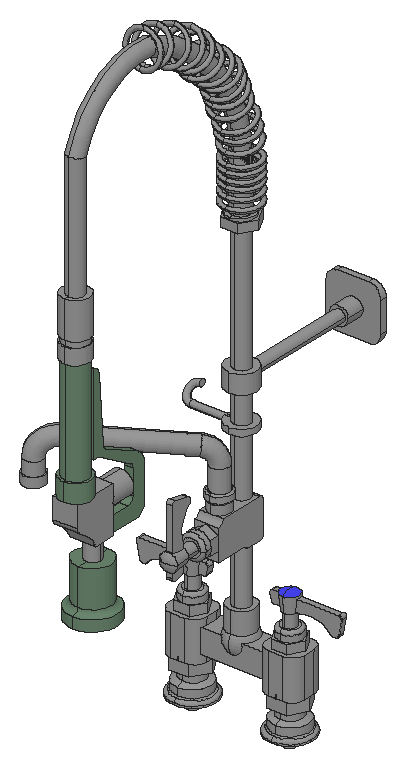
Revit family "Krowne_18-406L_DeckMount_Pre-Rinse_Faucet", category Plumbing Fixtures, Revit 2018
Family settings
  Round Connector Dimension = Use Diameter
  Part Type = Normal
  OmniClass Number = 23.40.40.00
  OmniClass Title = Food Service Equipment and Furnishings
  Work Plane-Based = No
  Always vertical = Yes
  Cut with Voids When Loaded = No
  Shared = No
  Room Calculation Point = No
Parameters (values of type "18-406L")
  Width = 18"
  Weight in Pounds = 13
  Watermarked By = ""
  URL Cutsheet = ""
  URL = "https://krowne.com/"
  Status [instance] = ""
  Specification by User [instance] = ""
  Specification by Manufacturer [instance] = ""
  Serial Number [instance] = ""
  Revision Code [instance] = ""
  NAFEM Spec ID Number [instance] = ""
  Model = "18-406L"
  Masterspec [instance] = ""
  Manufacturer = "Krowne Metal"
  Item Number [instance] = "-"
  Installed By [instance] = ""
  Hot Water Temperature = 100 °F
  Hot Water Size = 1/2"
  Hot Water RI Height [instance] = 0"
  Hot Water Flow = 1.8 GPM
  Hot Water Connection Height = 0"
  Height = 24 7/8"
  Furnished By [instance] = ""
  Foodservice Equipment Identifier = yes
  Description = "4\" Raised Deck Mount Space Saver Pre-Rinse with Add-on Faucet, 6\" Spout"
  Depth = 10"
  Cold Water Size = 1/2"
  Cold Water RI Height [instance] = 0"
  Cold Water Flow = 1.8 GPM
  Cold Water Consumption = ""
  Cold Water Connection Height = 0"
  CSI MasterFormat = ""
  Assembly Code = "E1090300"
Reference planes (in)
  plane 1 "BACK": y = 0
  plane 2: z = 0
  plane 3 "CENTER L/R": x = -12.56573
  plane 4: y = -0.9375
  plane 5: y = -8.5625
  plane 6 "CENTER L/S": x = -10.56573
  plane 7 "CENTER L/T": x = -14.56573
  plane 8 "CENTER L/U": x = -8.40948
  plane 9 "CENTER L/V": x = -16.72198
  plane 10: z = 6.875
  plane 11: z = 18
  plane 12: z = 26.625
  plane 13: z = 1.75
  plane 14: z = 15.8125
Forms (in)
  Extrusion 1, solid, material "QF_Steel-Chrome-Polished"
    sketch origin (-12.56573, -0.93695, -0.09142) x (0, -1, 0) y (1, 0, 0)
      loop
        circle (0, 0) r 0.34
    from 4.12518 to 18.28793
  Revolve 2, solid, material "QF_Plastic-Hunter Green"
    sketch origin (-12.56573, 4.2975, -7.025) x (0, -1, 0) y (0, 0, 1)
      loop
        line (13.735, 18.775) -> (14.36, 18.775) -> (14.36, 19.525) -> (14.235, 19.525) -> (14.235, 23.8375) -> (13.735, 23.8375) -> (13.735, 18.775)
      axis (13.735, 18.775) -> (13.735, 23.8375)
    angle from 0 to 360
  Sweep 3, solid, material "QF_Steel-Chrome-Polished"
    path origin (-12.56573, -0.93695, -4.46642) x (0, -1, 0) y (0, 0, 1)
      loop
        line (8.50055, 23.65392) -> (8.50055, 28.72759)
        arc (8.50055, 28.72759) -> (7.09376, 30.5755) -> (4.82933, 31.09142) r 3.40474
        arc (4.82933, 31.09142) -> (2.36329, 29.70618) -> (0.62765, 27.47285) r 7.14782
        arc (0.62765, 27.47285) -> (0.15902, 26.17338) -> (0, 24.80118) r 6
        line (0, 24.80118) -> (0, 22.66293)
    profile origin (-12.56573, -9.4375, 21.72434) x (0, 1, 0) y (-1, 0, 0)
      loop
        circle (0, 0) r 0.33984
  Sweep 4, solid, material "QF_Steel-Chrome-Polished"
    path origin (-12.56573, 8.55153, 20.47393) x (1, 0, 0) y (0, -0.694658, -0.71934)
      loop
        line (-0.03125, 13.66) -> (-2.03125, 13.66)
        arc (-2.03125, 13.66) -> (-2.40625, 13.285) -> (-2.03125, 12.91) r 0.375
    profile origin (-13.59698, -0.9375, 10.64775) x (0, 0.694658, 0.71934) y (0, 0.71934, -0.694658)
      loop
        circle (0, 0) r 0.125
  Sweep 5, solid, material "QF_Steel-Chrome-Polished"
    path origin (-12.56573, -23.0225, -7.025) x (0, 1, 0) y (0, 0, -1)
      loop
        line (14.46, -16.8375) -> (14.46, -16.0875)
    profile origin (-12.56573, -8.5625, 9.4375) x (-1, 0, 0) y (0, -1, 0)
      loop
        circle (0, 0) r 0.3125
  Revolve 6, solid, material "QF_Plastic-Hunter Green"
    sketch origin (-12.56573, -23.0225, -7.025) x (0, 1, 0) y (0, 0, -1)
      loop
        line (14.46, -16.0875) -> (15.21, -16.0875) -> (15.21, -14.5875)
        arc (15.21, -14.5875) -> (15.28322, -14.41072) -> (15.46, -14.3375) r 0.25
        line (15.46, -14.3375) -> (15.46, -13.9) -> (14.46, -13.9) -> (14.46, -16.0875)
      axis (14.46, -13.9) -> (14.46, -16.0875)
    angle from 0 to 360
  Extrusion 7, solid, material "QF_Plastic-Hunter Green"
    sketch origin (-12.56573, -23.0225, -7.025) x (0, 1, 0) y (0, 0, -1)
      loop
        arc (15.335, -16.71016) -> (15.02261, -17.01446) -> (15.31861, -17.33473) r 0.3125
        line (15.31861, -17.33473) -> (16.06861, -17.33473)
        arc (16.06861, -17.33473) -> (16.24539, -17.40795) -> (16.31861, -17.58473) r 0.25
        line (16.31861, -17.58473) -> (16.31861, -18.62984)
        arc (16.31861, -18.62984) -> (16.28585, -18.75357) -> (16.19614, -18.84486) r 0.25
        line (16.19614, -18.84486) -> (14.5225, -19.8375) -> (14.2725, -19.8375) -> (14.2725, -23.15)
        arc (14.2725, -23.15) -> (14.44928, -23.07678) -> (14.5225, -22.9) r 0.25
        line (14.5225, -22.9) -> (14.73264, -20.16098)
        arc (14.73264, -20.16098) -> (14.77513, -20.0396) -> (14.87232, -19.9554) r 0.25
        line (14.87232, -19.9554) -> (16.56935, -19.12771)
        arc (16.56935, -19.12771) -> (16.77419, -18.94327) -> (16.85017, -18.67831) r 0.5
        line (16.85017, -18.67831) -> (16.85017, -16.97532) -> (16.585, -16.71016) -> (15.335, -16.71016)
    from -0.17817 to 0.15894
  Revolve 8, solid, material "QF_Steel-Chrome-Polished"
    sketch origin (-12.56573, -23.0225, -7.025) x (0, 1, 0) y (0, 0, -1)
      loop
        line (14.8975, -18.7125) -> (15.8975, -18.7125) -> (15.8975, -18.4625) -> (16.0225, -18.4625) -> (16.0225, -18.2125) -> (14.8975, -18.2125) -> (14.8975, -18.7125)
      axis (16.0225, -18.2125) -> (14.8975, -18.2125)
    angle from 0 to 360
  Sweep 9, solid, material "QF_Steel-Chrome-Polished"
    path origin (-12.56573, -2.06586, 24.03279) x (0, -0.882948, -0.469472) y (1, 0, 0)
      loop
        circle (0, 0) r 0.72
    profile origin (-11.84573, -2.06586, 24.03279) x (-1, 0, 0) y (0, -0.469472, 0.882948)
      loop
        circle (0, 0) r 0.08178
  Sweep 10, solid, material "QF_Steel-Chrome-Polished"
    path origin (-12.56573, -2.47616, 24.44422) x (0, -0.829038, -0.559193) y (1, 0, 0)
      loop
        circle (0, 0) r 0.72
    profile origin (-11.84573, -2.47616, 24.44422) x (-1, 0, 0) y (0, -0.559193, 0.829038)
      loop
        circle (0, 0) r 0.08178
  Sweep 11, solid, material "QF_Steel-Chrome-Polished"
    path origin (-12.56573, -1.07894, 21.53673) x (0, -0.978148, -0.207912) y (1, 0, 0)
      loop
        circle (0, 0) r 0.72
    profile origin (-11.84573, -1.07894, 21.53673) x (-1, 0, 0) y (0, -0.207912, 0.978148)
      loop
        circle (0, 0) r 0.08178
  Sweep 12, solid, material "QF_Steel-Chrome-Polished"
    path origin (-12.56573, -1.86515, 23.60264) x (0, -0.857167, -0.515038) y (1, 0, 0)
      loop
        circle (0, 0) r 0.72
    profile origin (-11.84573, -1.86515, 23.60264) x (-1, 0, 0) y (0, -0.515038, 0.857167)
      loop
        circle (0, 0) r 0.08178
  Sweep 13, solid, material "QF_Steel-Chrome-Polished"
    path origin (-12.56573, -0.98092, 21.05422) x (0, -0.978148, -0.207912) y (1, 0, 0)
      loop
        circle (0, 0) r 0.72
    profile origin (-11.84573, -0.98092, 21.05422) x (-1, 0, 0) y (0, -0.207912, 0.978148)
      loop
        circle (0, 0) r 0.08178
  Sweep 14, solid, material "QF_Steel-Chrome-Polished"
    path origin (-12.56573, -1.69061, 23.19258) x (0, -0.920505, -0.390731) y (1, 0, 0)
      loop
        circle (0, 0) r 0.72
    profile origin (-11.84573, -1.69061, 23.19258) x (-1, 0, 0) y (0, -0.390731, 0.920505)
      loop
        circle (0, 0) r 0.08178
  Sweep 15, solid, material "QF_Steel-Chrome-Polished"
    path origin (-12.56573, -1.21384, 22.00251) x (0, -0.951057, -0.309017) y (1, 0, 0)
      loop
        circle (0, 0) r 0.72
    profile origin (-11.84573, -1.21384, 22.00251) x (-1, 0, 0) y (0, -0.309017, 0.951057)
      loop
        circle (0, 0) r 0.08178
  Sweep 16, solid, material "QF_Steel-Chrome-Polished"
    path origin (-12.56573, -1.54108, 22.69083) x (0, -0.927184, -0.374607) y (1, 0, 0)
      loop
        circle (0, 0) r 0.72
    profile origin (-11.84573, -1.54108, 22.69083) x (-1, 0, 0) y (0, -0.374607, 0.927184)
      loop
        circle (0, 0) r 0.08178
  Sweep 17, solid, material "QF_Steel-Chrome-Polished"
    path origin (-12.56573, -3.01276, 24.87687) x (0, -0.848048, -0.529919) y (1, 0, 0)
      loop
        circle (0, 0) r 0.72
    profile origin (-11.84573, -3.01276, 24.87687) x (-1, 0, 0) y (0, -0.529919, 0.848048)
      loop
        circle (0, 0) r 0.08178
  Sweep 18, solid, material "QF_Steel-Chrome-Polished"
    path origin (-12.56573, -3.45399, 25.40635) x (0, -0.745676, -0.666309) y (1, 0, 0)
      loop
        circle (0, 0) r 0.72
    profile origin (-11.84573, -3.45399, 25.40635) x (-1, 0, 0) y (0, -0.666309, 0.745676)
      loop
        circle (0, 0) r 0.08178
  Sweep 19, solid, material "QF_Steel-Chrome-Polished"
    path origin (-12.56573, -3.91456, 25.78013) x (0, -0.632262, -0.774755) y (1, 0, 0)
      loop
        circle (0, 0) r 0.72
    profile origin (-11.84573, -3.91456, 25.78013) x (-1, 0, 0) y (0, -0.774755, 0.632262)
      loop
        circle (0, 0) r 0.08178
  Sweep 20, solid, material "QF_Steel-Chrome-Polished"
    path origin (-12.56573, -4.61244, 26.15886) x (0, -0.434326, -0.900756) y (1, 0, 0)
      loop
        circle (0, 0) r 0.72
    profile origin (-11.84573, -4.61244, 26.15886) x (-1, 0, 0) y (0, -0.900756, 0.434326)
      loop
        circle (0, 0) r 0.08178
  Sweep 21, solid, material "QF_Steel-Chrome-Polished"
    path origin (-12.56573, -5.50445, 26.53759) x (0, -0.434326, -0.900756) y (1, 0, 0)
      loop
        circle (0, 0) r 0.72
    profile origin (-11.84573, -5.50445, 26.53759) x (-1, 0, 0) y (0, -0.900756, 0.434326)
      loop
        circle (0, 0) r 0.08178
  Sweep 22, solid, material "QF_Steel-Chrome-Polished"
    path origin (-12.56573, -5.96727, 26.62629) x (0, -0.134719, -0.990884) y (1, 0, 0)
      loop
        circle (0, 0) r 0.72
    profile origin (-11.84573, -5.96727, 26.62629) x (-1, 0, 0) y (0, -0.990884, 0.134719)
      loop
        circle (0, 0) r 0.08178
  Extrusion 23, solid, material "QF_Steel-Chrome-Polished"
    sketch origin (-0.21875, -0.9375, 12.03358) x (0, 1, 0) y (-1, 0, 0)
      loop
        circle (0.00055, 12.34698) r 0.625
      loop
        circle (0.00055, 12.34698) r 0.34
    from 0 to 0.75
  Extrusion 24, solid, material "QF_Steel-Chrome-Polished"
    sketch origin (-0.1875, 5.0625, -4.46642) x (1, 0, 0) y (0, 0, 1)
      loop
        line (-11.75323, 18) -> (-13.00323, 18)
        arc (-13.00323, 18) -> (-13.35678, 17.85355) -> (-13.50323, 17.5) r 0.5
        line (-13.50323, 17.5) -> (-13.50323, 16.25)
        arc (-13.50323, 16.25) -> (-13.35678, 15.89645) -> (-13.00323, 15.75) r 0.5
        line (-13.00323, 15.75) -> (-11.75323, 15.75)
        arc (-11.75323, 15.75) -> (-11.39967, 15.89645) -> (-11.25323, 16.25) r 0.5
        line (-11.25323, 16.25) -> (-11.25323, 17.5)
        arc (-11.25323, 17.5) -> (-11.39967, 17.85355) -> (-11.75323, 18) r 0.5
    from 0 to 0.25
  Extrusion 25, solid, material "QF_Steel-Chrome-Polished"
    sketch origin (-0.1875, 4.8125, -4.46642) x (1, 0, 0) y (0, 0, 1)
      loop
        circle (-12.37823, 16.875) r 0.375
    from 0 to 0.75
  Extrusion 26, solid, material "QF_Steel-Chrome-Polished"
    sketch origin (-0.1875, 4.0625, -4.46642) x (1, 0, 0) y (0, 0, 1)
      loop
        circle (-12.37823, 16.875) r 0.25
    from 0 to 4.5
  Extrusion 27, solid, material "QF_Steel-Chrome-Polished"
    sketch origin (-12.59698, 5.53856, -5.6836) x (0, 1, 0) y (0, 0, 1)
      loop
        line (-13.66356, 15.4961) -> (-13.66356, 17.4336) -> (-15.47606, 17.4336) -> (-15.47606, 16.5586)
        arc (-15.47606, 16.5586) -> (-15.44221, 16.43298) -> (-15.34983, 16.34139) r 0.25
        arc (-15.34983, 16.34139) -> (-14.88291, 15.97756) -> (-14.53856, 15.4961) r 2.0625
        line (-14.53856, 15.4961) -> (-13.66356, 15.4961)
    from -0.5 to 0.5
  Revolve 28, solid, material "QF_Steel-Chrome-Polished"
    sketch origin (-12.56573, 4.2975, -7.025) x (0, -1, 0) y (0, 0, 1)
      loop
        line (13.735, 23.8375) -> (14.2975, 23.8375) -> (14.2975, 24.4625) -> (14.235, 24.4625) -> (14.235, 24.7125) -> (14.2975, 24.7125) -> (14.2975, 26.2125) -> (13.735, 26.2125) -> (13.735, 23.8375)
      axis (13.735, 23.8375) -> (13.735, 26.2125)
    angle from 0 to 360
  Extrusion 29, solid, material "QF_Steel-Chrome-Polished"
    sketch origin (-0.21875, -0.9375, 10.51528) x (0, 1, 0) y (-1, 0, 0)
      loop
        circle (0.00055, 12.34698) r 0.625
      loop
        circle (0.00055, 12.34698) r 0.34
    from 0 to 0.25
  Extrusion 30, solid, material "QF_Steel-Chrome-Polished"
    sketch origin (-12.56573, 0, 1.1875) x (0, 1, 0) y (0, 0, 1)
      loop
        line (-0.5, 5.3125) -> (-0.5, 6.6875)
        arc (-0.5, 6.6875) -> (-0.53661, 6.77589) -> (-0.625, 6.8125) r 0.125
        line (-0.625, 6.8125) -> (-2.5, 6.8125)
        arc (-2.5, 6.8125) -> (-2.57322, 6.63572) -> (-2.75, 6.5625) r 0.25
        line (-2.75, 6.5625) -> (-2.75, 5.3125) -> (-1.4805, 5.3125)
        arc (-1.4805, 5.3125) -> (-1.43984, 5.3057) -> (-1.4036, 5.28605) r 0.125
        line (-1.4036, 5.28605) -> (-1.3112, 5.21395)
        arc (-1.3112, 5.21395) -> (-1.27496, 5.1943) -> (-1.2343, 5.1875) r 0.125
        line (-1.2343, 5.1875) -> (-0.625, 5.1875)
        arc (-0.625, 5.1875) -> (-0.53661, 5.22411) -> (-0.5, 5.3125) r 0.125
    from -0.4629 to 0.51137
  Sweep 31, solid, material "QF_Steel-Chrome-Polished"
    path origin (-11.1074, -0.60406, 1.1875) x (0.707107, 0.707107, 0) y (0, 0, 1)
      loop
        line (-2.0625, 6.8125) -> (-2.0625, 8.47099)
        arc (-2.0625, 8.47099) -> (-2.24597, 8.96246) -> (-2.7066, 9.21348) r 0.75
        line (-2.7066, 9.21348) -> (-7.2066, 9.85528)
        arc (-7.2066, 9.85528) -> (-7.80397, 9.67933) -> (-8.0625, 9.1128) r 0.75
        line (-8.0625, 9.1128) -> (-8.0625, 8.5625)
    profile origin (-12.56581, -2.06246, 8.82925) x (-0.707107, -0.707107, 0) y (0.707107, -0.707107, 0)
      loop
        circle (0, 0) r 0.375
  Extrusion 32, solid, material "QF_Steel-Chrome-Polished"
    sketch origin (-12.56573, -0.4375, 8) x (0, -1, 0) y (1, 0, 0)
      loop
        circle (1.625, 0) r 0.375
      loop
        circle (1.625, 0) r 0.4375
    from 0 to 0.375
  Revolve 33, solid, material "QF_Steel-Chrome-Polished"
    sketch origin (-12.56573, 0, 1.1875) x (0, 1, 0) y (0, 0, 1)
      loop
        line (-1.6875, 7.5625) -> (-1.6875, 7.1875) -> (-1.625, 7.1875) -> (-1.5625, 7.25) -> (-1.5625, 7.5) -> (-1.625, 7.5625) -> (-1.6875, 7.5625)
      axis (-2.0625, 7.1875) -> (-2.0625, 7.5625)
    angle from 0 to 360
  Extrusion 34, solid, material "QF_Steel-Chrome-Polished"
    sketch origin (-16.80569, -6.30785, 9.375) x (-0.707107, -0.707107, 0) y (-0.707107, 0.707107, 0)
      loop
        circle (0, 0) r 0.4375
    from 0 to -0.375
  Extrusion 35, solid, material "QF_Steel-Chrome-Polished"
    sketch origin (-0.1875, -0.03125, 3.19778) x (0, 1, 0) y (-1, 0, 0)
      loop
        line (-0.90625, 13.74356) -> (-0.35661, 14.06089) -> (-0.35661, 14.69556) -> (-0.90625, 15.01289) -> (-1.45589, 14.69556) -> (-1.45589, 14.06089) -> (-0.90625, 13.74356)
      loop
        line (-0.90625, 9.74356) -> (-0.35661, 10.06089) -> (-0.35661, 10.69556) -> (-0.90625, 11.01289) -> (-1.45589, 10.69556) -> (-1.45589, 10.06089) -> (-0.90625, 9.74356)
    from 0 to 0.375
  Revolve 36, solid, material "QF_Steel-Chrome-Polished"
    sketch origin (-14.56573, -0.03125, -0.80222) x (0, 1, 0) y (0, 0, 1)
      loop
        line (-0.90625, 4.375) -> (-0.40625, 4.375) -> (-0.40625, 4.625)
        arc (-0.40625, 4.625) -> (-0.44286, 4.71339) -> (-0.53125, 4.75) r 0.125
        line (-0.53125, 4.75) -> (-0.90625, 4.75) -> (-0.90625, 4.375)
      axis (-0.90625, 4.375) -> (-0.90625, 4.75)
    angle from 0 to 360
  Revolve 37, solid, material "QF_Steel-Chrome-Polished"
    sketch origin (-10.56573, -0.03125, -0.80222) x (0, 1, 0) y (0, 0, 1)
      loop
        line (-0.90625, 4.375) -> (-0.40625, 4.375) -> (-0.40625, 4.625)
        arc (-0.40625, 4.625) -> (-0.44286, 4.71339) -> (-0.53125, 4.75) r 0.125
        line (-0.53125, 4.75) -> (-0.90625, 4.75) -> (-0.90625, 4.375)
      axis (-0.90625, 4.375) -> (-0.90625, 4.75)
    angle from 0 to 360
  Revolve 38, solid, material "QF_Steel-Chrome-Polished"
    sketch origin (-10.56573, -0.03125, -0.80222) x (0, 1, 0) y (0, 0, 1)
      loop
        line (-0.90625, 4.75) -> (-0.65625, 4.75) -> (-0.65625, 5.3125) -> (-0.90625, 5.3125) -> (-0.90625, 4.75)
      axis (-0.90625, 4.75) -> (-0.90625, 5.3125)
    angle from 0 to 360
  Revolve 39, solid, material "QF_Steel-Chrome-Polished"
    sketch origin (-14.56573, -0.03125, -0.80222) x (0, 1, 0) y (0, 0, 1)
      loop
        line (-0.90625, 4.75) -> (-0.65625, 4.75) -> (-0.65625, 5.3125) -> (-0.90625, 5.3125) -> (-0.90625, 4.75)
      axis (-0.90625, 4.75) -> (-0.90625, 5.3125)
    angle from 0 to 360
  Revolve 40, solid, material "QF_Steel-Chrome-Polished"
    sketch origin (-14.56573, -0.03125, -0.80222) x (0, 1, 0) y (0, 0, 1)
      loop
        line (-0.90625, 5.3125) -> (-0.59375, 5.3125) -> (-0.53125, 5.9375) -> (-0.90625, 5.9375) -> (-0.90625, 5.3125)
      axis (-0.90625, 5.3125) -> (-0.90625, 5.9375)
    angle from 0 to 360
  Revolve 41, solid, material "QF_Steel-Chrome-Polished"
    sketch origin (-10.56573, -0.03125, -0.80222) x (0, 1, 0) y (0, 0, 1)
      loop
        line (-0.90625, 5.3125) -> (-0.59375, 5.3125) -> (-0.53125, 5.9375) -> (-0.90625, 5.9375) -> (-0.90625, 5.3125)
      axis (-0.90625, 5.3125) -> (-0.90625, 5.9375)
    angle from 0 to 360
  Revolve 42, solid, material "QF_Plastic-Red"
    sketch origin (-14.56573, -0.03125, -0.80222) x (0, 1, 0) y (0, 0, 1)
      loop
        line (-0.90625, 5.9375) -> (-0.53125, 5.9375)
        arc (-0.53125, 5.9375) -> (-0.70704, 6.03513) -> (-0.90625, 6.0625) r 0.54601
        line (-0.90625, 6.0625) -> (-0.90625, 5.9375)
      axis (-0.90625, 5.9375) -> (-0.90625, 6.0625)
    angle from 0 to 360
  Revolve 43, solid, material "QF_Plastic-Blue"
    sketch origin (-10.56573, -0.03125, -0.80222) x (0, 1, 0) y (0, 0, 1)
      loop
        line (-0.90625, 5.9375) -> (-0.53125, 5.9375)
        arc (-0.53125, 5.9375) -> (-0.70704, 6.03513) -> (-0.90625, 6.0625) r 0.54601
        line (-0.90625, 6.0625) -> (-0.90625, 5.9375)
      axis (-0.90625, 5.9375) -> (-0.90625, 6.0625)
    angle from 0 to 360
  Extrusion 44, solid, material "QF_Steel-Chrome-Polished"
    sketch origin (-0.1875, -3.375, -0.21074) x (1, 0, 0) y (0, 1, 0)
      loop
        circle (-14.37823, 2.4375) r 0.25
      loop
        circle (-10.37823, 2.4375) r 0.25
    from 0.21074 to -0.25
  Revolve 45, solid, material "QF_Steel-Chrome-Polished"
    sketch origin (-14.56573, -0.03125, 0) x (0, 1, 0) y (0, 0, 1)
      loop
        line (-0.90625, 0) -> (0.03125, 0) -> (0.03125, 0.0625)
        arc (0.03125, 0.0625) -> (-0.00536, 0.15089) -> (-0.09375, 0.1875) r 0.125
        arc (-0.09375, 0.1875) -> (-0.13794, 0.20581) -> (-0.15625, 0.25) r 0.0625
        line (-0.15625, 0.25) -> (-0.15625, 0.5625) -> (-0.40625, 0.6875) -> (-0.40625, 1.0625) -> (-0.90625, 1.0625) -> (-0.90625, 0)
      axis (-0.90625, 0) -> (-0.90625, 1.0625)
    angle from 0 to 360
  Revolve 46, solid, material "QF_Steel-Chrome-Polished"
    sketch origin (-10.56573, -0.03125, 0) x (0, 1, 0) y (0, 0, 1)
      loop
        line (-0.90625, 0) -> (0.03125, 0) -> (0.03125, 0.0625)
        arc (0.03125, 0.0625) -> (-0.00536, 0.15089) -> (-0.09375, 0.1875) r 0.125
        arc (-0.09375, 0.1875) -> (-0.13794, 0.20581) -> (-0.15625, 0.25) r 0.0625
        line (-0.15625, 0.25) -> (-0.15625, 0.5625) -> (-0.40625, 0.6875) -> (-0.40625, 1.0625) -> (-0.90625, 1.0625) -> (-0.90625, 0)
      axis (-0.90625, 0) -> (-0.90625, 1.0625)
    angle from 0 to 360
  Extrusion 47, solid, material "QF_Steel-Chrome-Polished"
    sketch origin (-0.1875, -0.03125, 1.0625) x (0, 1, 0) y (-1, 0, 0)
      loop
        line (-0.2026, 13.97198) -> (-0.2026, 14.78448) -> (-0.90625, 15.19073) -> (-1.6099, 14.78448) -> (-1.6099, 13.97198) -> (-0.90625, 13.56573) -> (-0.2026, 13.97198)
      loop
        line (-0.2026, 9.97198) -> (-0.2026, 10.78448) -> (-0.90625, 11.19073) -> (-1.6099, 10.78448) -> (-1.6099, 9.97198) -> (-0.90625, 9.56573) -> (-0.2026, 9.97198)
    from 0 to 0.5
  Extrusion 48, solid, material "QF_Steel-Chrome-Polished"
    sketch origin (-0.1875, -0.03125, 1.5625) x (0, 1, 0) y (-1, 0, 0)
      loop
        circle (-0.90625, 14.37823) r 0.75
      loop
        circle (-0.90625, 10.37823) r 0.75
    from 0 to 0.125
  Revolve 49, solid, material "QF_Steel-Chrome-Polished"
    sketch origin (-12.56573, -0.03125, -0.16406) x (0, 1, 0) y (0, 0, 1)
      loop
        line (-0.90625, 3.30665) -> (-0.90625, 2.30303)
        arc (-0.90625, 2.30303) -> (-0.33338, 2.64139) -> (-0.34375, 3.30665) r 0.66209
        line (-0.34375, 3.30665) -> (-0.90625, 3.30665)
      axis (-0.90625, 3.30665) -> (-0.90625, 2.30303)
    angle from 0 to 360
  Extrusion 50, solid, material "QF_Steel-Chrome-Polished"
    sketch origin (-12.56573, -0.9375, 3.14259) x (0, 1, 0) y (-1, 0, 0)
      loop
        circle (0, 0) r 0.5625
    from 0 to 0.89117
  Extrusion 51, solid, material "QF_Steel-Chrome-Polished"
    sketch origin (1.8125, -0.9375, -0.80222) x (1, 0, 0) y (0, 0, 1)
      loop
        arc (-18.45139, 5.875) -> (-18.54806, 5.82925) -> (-18.57397, 5.72549) r 0.125
        line (-18.57397, 5.72549) -> (-18.44898, 5.10053)
        arc (-18.44898, 5.10053) -> (-18.40566, 5.02837) -> (-18.32641, 5.00004) r 0.125
        line (-18.32641, 5.00004) -> (-18.25335, 5.00004)
        arc (-18.25335, 5.00004) -> (-18.20057, 5.01173) -> (-18.15766, 5.04462) r 0.125
        arc (-18.15766, 5.04462) -> (-17.58494, 5.40979) -> (-16.90628, 5.38199) r 1.13354
        arc (-16.90628, 5.38199) -> (-16.88545, 5.37648) -> (-16.86398, 5.37462) r 0.125
        line (-16.86398, 5.37462) -> (-15.83077, 5.37462)
        arc (-15.83077, 5.37462) -> (-15.75152, 5.40295) -> (-15.7082, 5.47511) r 0.125
        line (-15.7082, 5.47511) -> (-15.65813, 5.72549)
        arc (-15.65813, 5.72549) -> (-15.68403, 5.82925) -> (-15.7807, 5.875) r 0.125
        line (-15.7807, 5.875) -> (-18.45139, 5.875)
      loop
        line (-10.29934, 5.875) -> (-12.97575, 5.875)
        arc (-12.97575, 5.875) -> (-13.07242, 5.82925) -> (-13.09832, 5.72549) r 0.125
        line (-13.09832, 5.72549) -> (-13.04825, 5.47511)
        arc (-13.04825, 5.47511) -> (-13.00493, 5.40295) -> (-12.92568, 5.37462) r 0.125
        line (-12.92568, 5.37462) -> (-11.89247, 5.37462)
        arc (-11.89247, 5.37462) -> (-11.871, 5.37648) -> (-11.85017, 5.38199) r 0.125
        arc (-11.85017, 5.38199) -> (-11.17151, 5.40979) -> (-10.59879, 5.04462) r 1.13354
        arc (-10.59879, 5.04462) -> (-10.55588, 5.01173) -> (-10.5031, 5.00004) r 0.125
        line (-10.5031, 5.00004) -> (-10.42432, 5.00004)
        arc (-10.42432, 5.00004) -> (-10.34507, 5.02837) -> (-10.30175, 5.10053) r 0.125
        line (-10.30175, 5.10053) -> (-10.17676, 5.72549)
        arc (-10.17676, 5.72549) -> (-10.20267, 5.82925) -> (-10.29934, 5.875) r 0.125
    from -0.125 to 0.125
  Extrusion 52, solid, material "QF_Steel-Chrome-Polished"
    sketch origin (-13.46034, -2.75, 17.56068) x (-1, 0, 0) y (0, 0, -1)
      loop
        line (-0.90625, 9.81573) -> (-0.41911, 10.09698) -> (-0.41911, 10.65948) -> (-0.90625, 10.94073) -> (-1.39339, 10.65948) -> (-1.39339, 10.09698) -> (-0.90625, 9.81573)
    from 0 to 0.375
  Revolve 53, solid, material "QF_Steel-Chrome-Polished"
    sketch origin (-13.46034, 1.25, 7.18246) x (-1, 0, 0) y (0, -1, 0)
      loop
        line (-0.90625, 4.375) -> (-0.40625, 4.375) -> (-0.40625, 4.625)
        arc (-0.40625, 4.625) -> (-0.44286, 4.71339) -> (-0.53125, 4.75) r 0.125
        line (-0.53125, 4.75) -> (-0.90625, 4.75) -> (-0.90625, 4.375)
      axis (-0.90625, 4.375) -> (-0.90625, 4.75)
    angle from 0 to 360
  Revolve 54, solid, material "QF_Steel-Chrome-Polished"
    sketch origin (-13.46034, 1.25, 7.18246) x (-1, 0, 0) y (0, -1, 0)
      loop
        line (-0.90625, 4.75) -> (-0.65625, 4.75) -> (-0.65625, 5.3125) -> (-0.90625, 5.3125) -> (-0.90625, 4.75)
      axis (-0.90625, 4.75) -> (-0.90625, 5.3125)
    angle from 0 to 360
  Revolve 55, solid, material "QF_Steel-Chrome-Polished"
    sketch origin (-13.46034, 1.25, 7.18246) x (-1, 0, 0) y (0, -1, 0)
      loop
        line (-0.90625, 5.3125) -> (-0.59375, 5.3125) -> (-0.53125, 5.9375) -> (-0.90625, 5.9375) -> (-0.90625, 5.3125)
      axis (-0.90625, 5.3125) -> (-0.90625, 5.9375)
    angle from 0 to 360
  Revolve 56, solid, material "QF_Steel-Chrome-Polished"
    sketch origin (-13.46034, 1.25, 7.18246) x (-1, 0, 0) y (0, -1, 0)
      loop
        line (-0.90625, 5.9375) -> (-0.53125, 5.9375)
        arc (-0.53125, 5.9375) -> (-0.70704, 6.03513) -> (-0.90625, 6.0625) r 0.54601
        line (-0.90625, 6.0625) -> (-0.90625, 5.9375)
      axis (-0.90625, 5.9375) -> (-0.90625, 6.0625)
    angle from 0 to 360
  Extrusion 57, solid, material "QF_Steel-Chrome-Polished"
    sketch origin (-12.55409, 1.25, 19.56068) x (0, 0, 1) y (0, -1, 0)
      loop
        line (-10.29934, 5.875) -> (-12.97575, 5.875)
        arc (-12.97575, 5.875) -> (-13.07242, 5.82925) -> (-13.09832, 5.72549) r 0.125
        line (-13.09832, 5.72549) -> (-13.04825, 5.47511)
        arc (-13.04825, 5.47511) -> (-13.00493, 5.40295) -> (-12.92568, 5.37462) r 0.125
        line (-12.92568, 5.37462) -> (-11.89247, 5.37462)
        arc (-11.89247, 5.37462) -> (-11.871, 5.37648) -> (-11.85017, 5.38199) r 0.125
        arc (-11.85017, 5.38199) -> (-11.17151, 5.40979) -> (-10.59879, 5.04462) r 1.13354
        arc (-10.59879, 5.04462) -> (-10.55588, 5.01173) -> (-10.5031, 5.00004) r 0.125
        line (-10.5031, 5.00004) -> (-10.42432, 5.00004)
        arc (-10.42432, 5.00004) -> (-10.34507, 5.02837) -> (-10.30175, 5.10053) r 0.125
        line (-10.30175, 5.10053) -> (-10.17676, 5.72549)
        arc (-10.17676, 5.72549) -> (-10.20267, 5.82925) -> (-10.29934, 5.875) r 0.125
    from -0.125 to 0.125
  Extrusion 58, solid, material "QF_Steel-Chrome-Polished"
    sketch origin (0, 0, 0) x (1, 0, 0) y (0, 1, 0)
      loop
        line (-10.28392, -0.1875) -> (-10.84753, -0.1875)
        arc (-10.84753, -0.1875) -> (-11.20108, -0.33395) -> (-11.34753, -0.6875) r 0.5
        line (-11.34753, -0.6875) -> (-11.34753, -1.1875)
        arc (-11.34753, -1.1875) -> (-11.20108, -1.54105) -> (-10.84753, -1.6875) r 0.5
        line (-10.84753, -1.6875) -> (-10.28392, -1.6875)
        arc (-10.28392, -1.6875) -> (-9.93037, -1.54105) -> (-9.78392, -1.1875) r 0.5
        line (-9.78392, -1.1875) -> (-9.78392, -0.6875)
        arc (-9.78392, -0.6875) -> (-9.93037, -0.33395) -> (-10.28392, -0.1875) r 0.5
      loop
        line (-14.28392, -0.1875) -> (-14.84753, -0.1875)
        arc (-14.84753, -0.1875) -> (-15.20108, -0.33395) -> (-15.34753, -0.6875) r 0.5
        line (-15.34753, -0.6875) -> (-15.34753, -1.1875)
        arc (-15.34753, -1.1875) -> (-15.20108, -1.54105) -> (-14.84753, -1.6875) r 0.5
        line (-14.84753, -1.6875) -> (-14.28392, -1.6875)
        arc (-14.28392, -1.6875) -> (-13.93037, -1.54105) -> (-13.78392, -1.1875) r 0.5
        line (-13.78392, -1.1875) -> (-13.78392, -0.6875)
        arc (-13.78392, -0.6875) -> (-13.93037, -0.33395) -> (-14.28392, -0.1875) r 0.5
    from 1.5625 to 3.19778
  Extrusion 59, solid, material "QF_Steel-Chrome-Polished"
    sketch origin (0, 0, 0) x (1, 0, 0) y (0, 1, 0)
      loop
        line (-10.56573, -0.4375) -> (-14.56573, -0.4375) -> (-14.56573, -1.44779) -> (-10.56573, -1.44779) -> (-10.56573, -0.4375)
    from 1.92335 to 2.9302
  Sweep 60, solid, material "QF_Steel-Chrome-Polished"
    path origin (-12.56573, -0.93695, 18.84886) x (0, -1, 0) y (1, 0, 0)
      loop
        circle (0, 0) r 0.72
    profile origin (-11.84573, -0.93695, 18.84886) x (-1, 0, 0) y (0, 0, 1)
      loop
        circle (0, 0) r 0.08178
  Sweep 61, solid, material "QF_Steel-Chrome-Polished"
    path origin (-12.56573, -0.93695, 19.59886) x (0, -1, 0) y (1, 0, 0)
      loop
        circle (0, 0) r 0.72
    profile origin (-11.84573, -0.93695, 19.59886) x (-1, 0, 0) y (0, 0, 1)
      loop
        circle (0, 0) r 0.08178
  Sweep 62, solid, material "QF_Steel-Chrome-Polished"
    path origin (-12.56573, -0.93695, 20.16136) x (0, -1, 0) y (1, 0, 0)
      loop
        circle (0, 0) r 0.72
    profile origin (-11.84573, -0.93695, 20.16136) x (-1, 0, 0) y (0, 0, 1)
      loop
        circle (0, 0) r 0.08178
  Sweep 63, solid, material "QF_Steel-Chrome-Polished"
    path origin (-12.56573, -0.93695, 19.23623) x (0, -1, 0) y (1, 0, 0)
      loop
        circle (0, 0) r 0.72
    profile origin (-11.84573, -0.93695, 19.23623) x (-1, 0, 0) y (0, 0, 1)
      loop
        circle (0, 0) r 0.08178
  Sweep 64, solid, material "QF_Steel-Chrome-Polished"
    path origin (-12.56573, -0.93695, 19.86123) x (0, -1, 0) y (1, 0, 0)
      loop
        circle (0, 0) r 0.72
    profile origin (-11.84573, -0.93695, 19.86123) x (-1, 0, 0) y (0, 0, 1)
      loop
        circle (0, 0) r 0.08178
  Sweep 65, solid, material "QF_Steel-Chrome-Polished"
    path origin (-12.56573, -0.93695, 20.42373) x (0, -1, 0) y (1, 0, 0)
      loop
        circle (0, 0) r 0.72
    profile origin (-11.84573, -0.93695, 20.42373) x (-1, 0, 0) y (0, 0, 1)
      loop
        circle (0, 0) r 0.08178
  Extrusion 66, solid, material "QF_Steel-Chrome-Polished"
    sketch origin (0, 0, 18) x (0, 1, 0) y (-1, 0, 0)
      loop
        line (-0.9375, 11.84174) -> (-0.31051, 12.20373) -> (-0.31051, 12.92772) -> (-0.9375, 13.28971) -> (-1.56449, 12.92772) -> (-1.56449, 12.20373) -> (-0.9375, 11.84174)
    from 0 to 0.375
  Revolve 67, solid, material "QF_Steel-Chrome-Polished"
    sketch origin (-12.59698, 0, 16) x (0, 1, 0) y (0, 0, 1)
      loop
        line (-0.9375, 2.375) -> (-0.37, 2.375) -> (-0.37, 2.45122) -> (-0.5625, 2.45122) -> (-0.5625, 3.49121) -> (-0.9375, 3.49121) -> (-0.9375, 2.375)
      loop
        line (-0.5625, 4.891) -> (-0.9375, 4.891) -> (-0.9375, 4.29742) -> (-0.5625, 4.29742) -> (-0.5625, 4.891)
      axis (-0.9375, 2.375) -> (-0.9375, 4.891)
    angle from 0 to 360
  Extrusion 68, solid, material "QF_Steel-Chrome-Polished"
    sketch origin (0, 0, 19.76372) x (0, 1, 0) y (-1, 0, 0)
      loop
        line (-0.9375, 12.05825) -> (-0.49801, 12.31199) -> (-0.49801, 12.81946) -> (-0.9375, 13.0732) -> (-1.37699, 12.81946) -> (-1.37699, 12.31199) -> (-0.9375, 12.05825)
    from -0.27251 to 0.54256
Cuts and joins
  joined: Extrusion 1, Extrusion 30
  joined: Extrusion 58, Extrusion 59
Lines and regions (in)
  symbolic lines
    curve 1: arc (-12.94073, -0.9375, 0) -> (-12.83089, -0.67233, 0) -> (-12.56573, -0.5625, 0) r 0.375
    curve 2: arc (-12.56573, -0.5625, 0) -> (-12.30056, -0.67233, 0) -> (-12.19073, -0.9375, 0) r 0.375
    curve 3: line (-12.94073, -0.9375, 0) -> (-12.94073, -9.46144, 0)
    curve 4: arc (-12.94073, -9.46144, 0) -> (-12.56573, -9.83644, 0) -> (-12.19073, -9.46144, 0) r 0.375
    curve 6: line (-13.36339, -1.09937, 0) -> (-11.73911, -1.09937, 0)
    curve 7: line (-13.36339, -1.31238, 0) -> (-11.73911, -1.31238, 0)
    curve 8: line (-13.36339, -1.56238, 0) -> (-11.73911, -1.56238, 0)
    curve 9: line (-13.36339, -1.81238, 0) -> (-11.73911, -1.81238, 0)
    curve 10: line (-13.36339, -2.06238, 0) -> (-11.73911, -2.06238, 0)
    curve 11: line (-13.36339, -2.31238, 0) -> (-11.73911, -2.31238, 0)
    curve 12: line (-13.36339, -2.56238, 0) -> (-11.73911, -2.56238, 0)
    curve 13: line (-13.36339, -2.81238, 0) -> (-11.73911, -2.81238, 0)
    curve 14: line (-13.36339, -3.06238, 0) -> (-11.73911, -3.06238, 0)
    curve 15: line (-13.36339, -3.81238, 0) -> (-11.73911, -3.81238, 0)
    curve 16: line (-13.36339, -5.06238, 0) -> (-11.73911, -5.06238, 0)
    curve 17: line (-13.36339, -5.69647, 0) -> (-11.73911, -5.69647, 0)
    curve 18: line (-13.36339, -8.53336, 0) -> (-11.73911, -8.53336, 0)
    curve 19: line (-11.44073, 5.0625, 0) -> (-13.69073, 5.0625, 0)
    curve 20: line (-13.69073, 4.8125, 0) -> (-11.44073, 4.8125, 0)
    curve 21: line (-12.19073, 4.0625, 0) -> (-12.19073, 4.8125, 0)
    curve 22: line (-12.94073, 4.0625, 0) -> (-12.19073, 4.0625, 0)
    curve 23: line (-12.94073, 4.8125, 0) -> (-12.94073, 4.0625, 0)
    curve 24: circle (-10.59698, -0.9375, 0) r 0.375 normal (0, 0, 1)
    curve 25: line (-10.95053, -0.8125, 0) -> (-11.3195, -0.8125, 0)
    curve 26: line (-11.3195, -0.8125, 0) -> (-11.3195, -1.0625, 0)
    curve 27: line (-11.3195, -1.0625, 0) -> (-10.95053, -1.0625, 0)
    curve 28: line (-10.24342, -1.0625, 0) -> (-8.41195, -1.0625, 0)
    curve 29: line (-8.41195, -1.0625, 0) -> (-8.41195, -0.8125, 0)
    curve 30: line (-8.41195, -0.8125, 0) -> (-10.24342, -0.8125, 0)
    curve 31: arc (-11.08731, -0.8125, 0) -> (-10.60008, -0.44319, 0) -> (-10.11285, -0.8125, 0) r 0.50605
    curve 32: arc (-11.08731, -1.0625, 0) -> (-10.60008, -1.43181, 0) -> (-10.11285, -1.0625, 0) r 0.50605
    curve 33: line (-10.22171, -1.26179, 0) -> (-10.31573, -1.42464, 0)
    curve 34: line (-10.31573, -1.42464, 0) -> (-10.51522, -1.42464, 0)
    curve 35: line (-10.68494, -1.42464, 0) -> (-10.87823, -1.42464, 0)
    curve 36: line (-10.87823, -1.42464, 0) -> (-10.97003, -1.28451, 0)
    curve 37: line (-10.95617, -0.58968, 0) -> (-10.87934, -0.45661, 0)
    curve 38: line (-10.87934, -0.45661, 0) -> (-10.71584, -0.45661, 0)
    curve 39: line (-10.4941, -0.45442, 0) -> (-10.32182, -0.45442, 0)
    curve 40: line (-10.32182, -0.45442, 0) -> (-10.22869, -0.59657, 0)
    curve 41: circle (-14.53448, -0.9375, 0) r 0.375 normal (0, 0, -1)
    curve 42: line (-14.18092, -0.8125, 0) -> (-13.81195, -0.8125, 0)
    curve 43: line (-13.81195, -0.8125, 0) -> (-13.81195, -1.0625, 0)
    curve 44: line (-13.81195, -1.0625, 0) -> (-14.18092, -1.0625, 0)
    curve 45: line (-14.88803, -1.0625, 0) -> (-16.7195, -1.0625, 0)
    curve 46: line (-16.7195, -1.0625, 0) -> (-16.7195, -0.8125, 0)
    curve 47: line (-16.7195, -0.8125, 0) -> (-14.88803, -0.8125, 0)
    curve 48: arc (-14.04414, -0.8125, 0) -> (-14.53137, -0.44319, 0) -> (-15.0186, -0.8125, 0) r 0.50605
    curve 49: arc (-14.04414, -1.0625, 0) -> (-14.53137, -1.43181, 0) -> (-15.0186, -1.0625, 0) r 0.50605
    curve 50: line (-14.90974, -1.26179, 0) -> (-14.81573, -1.42464, 0)
    curve 51: line (-14.81573, -1.42464, 0) -> (-14.61623, -1.42464, 0)
    curve 52: line (-14.44651, -1.42464, 0) -> (-14.25323, -1.42464, 0)
    curve 53: line (-14.25323, -1.42464, 0) -> (-14.16142, -1.28451, 0)
    curve 54: line (-14.17528, -0.58968, 0) -> (-14.25211, -0.45661, 0)
    curve 55: line (-14.25211, -0.45661, 0) -> (-14.41561, -0.45661, 0)
    curve 56: line (-14.63735, -0.45442, 0) -> (-14.80963, -0.45442, 0)
    curve 57: line (-14.80963, -0.45442, 0) -> (-14.90888, -0.6059, 0)
    curve 58: line (-12.31405, 4.0625, 0) -> (-12.31405, -0.6595, 0)
    curve 59: line (-12.8135, 4.0625, 0) -> (-12.8135, -0.65601, 0)
    curve 60: line (-11.44073, 4.8125, 0) -> (-11.44073, 5.0625, 0)
    curve 61: line (-13.69073, 4.8125, 0) -> (-13.69073, 5.0625, 0)
    curve 62: line (-12.06573, -7.125, 0) -> (-12.19073, -7.125, 0)
    curve 63: line (-12.06573, -7.125, 0) -> (-12.06573, -8.125, 0)
    curve 64: line (-12.06573, -8.125, 0) -> (-12.19073, -8.125, 0)
    curve 65: line (-12.09698, -8.125, 0) -> (-12.09698, -9.0241, 0)
    curve 66: arc (-12.19073, -8.9375, 0) -> (-12.56573, -10.0625, 0) -> (-12.94073, -8.9375, 0) r 0.625
    curve 67: arc (-12.19073, -9.01824, 0) -> (-12.56573, -10, 0) -> (-12.94073, -9.01824, 0) r 0.5625
    curve 68: line (-13.06573, -7.125, 0) -> (-12.94073, -7.125, 0)
    curve 69: line (-13.06573, -7.125, 0) -> (-13.06573, -8.125, 0)
    curve 70: line (-13.06573, -8.125, 0) -> (-12.94073, -8.125, 0)
    curve 71: line (-13.03448, -8.125, 0) -> (-13.03448, -9.0241, 0)
    curve 72: arc (-12.06573, -7.69647, 0) -> (-11.56829, -8.49089, 0) -> (-11.94714, -9.34821, 0) r 1
    curve 73: arc (-12.06573, -8.00348, 0) -> (-11.81592, -8.54545, 0) -> (-12.04083, -9.09821, 0) r 0.75
    curve 74: arc (-13.06573, -7.69647, 0) -> (-13.56316, -8.49089, 0) -> (-13.18431, -9.34821, 0) r 1
    curve 75: arc (-13.06573, -8.00348, 0) -> (-13.31553, -8.54545, 0) -> (-13.09062, -9.09821, 0) r 0.75
    curve 76: arc (-9.59188, -0.8125, 0) -> (-10.3676, 0.02271, 0) -> (-11.41596, -0.42478, 0) r 0.99081
    curve 77: arc (-9.59188, -1.0625, 0) -> (-10.36159, -1.89788, 0) -> (-11.40453, -1.44779, 0) r 0.98183
    curve 78: line (-11.27443, -1.44779, 0) -> (-12.19073, -1.44779, 0)
    curve 79: line (-11.28054, -0.4375, 0) -> (-12.31405, -0.4375, 0)
    curve 80: line (-17.05203, -6.03936, 0) -> (-12.94073, -1.92806, 0)
    curve 81: line (-16.54542, -6.54598, 0) -> (-12.94073, -2.94129, 0)
    curve 82: arc (-16.54542, -6.54598, 0) -> (-17.05203, -6.54598, 0) -> (-17.05203, -6.03936, 0) r 0.35823
    curve 83: arc (-16.85095, -5.83828, 0) -> (-17.15329, -6.56205, 0) -> (-16.38828, -6.38884, 0) r 0.44129
    curve 84: circle (-14.53448, -0.9375, 0) r 0.375 normal (0, 0, -1)
    curve 85: line (-14.18092, -0.8125, 0) -> (-13.81195, -0.8125, 0)
    curve 86: line (-13.81195, -0.8125, 0) -> (-13.81195, -1.0625, 0)
    curve 87: line (-13.81195, -1.0625, 0) -> (-14.18092, -1.0625, 0)
    curve 88: line (-14.88803, -1.0625, 0) -> (-16.7195, -1.0625, 0)
    curve 89: line (-16.7195, -1.0625, 0) -> (-16.7195, -0.8125, 0)
    curve 90: line (-16.7195, -0.8125, 0) -> (-14.88803, -0.8125, 0)
    curve 91: arc (-14.04414, -0.8125, 0) -> (-14.53137, -0.44319, 0) -> (-15.0186, -0.8125, 0) r 0.50605
    curve 92: arc (-14.04414, -1.0625, 0) -> (-14.53137, -1.43181, 0) -> (-15.0186, -1.0625, 0) r 0.50605
    curve 93: line (-14.90974, -1.26179, 0) -> (-14.81573, -1.42464, 0)
    curve 94: line (-14.81573, -1.42464, 0) -> (-14.61623, -1.42464, 0)
    curve 95: line (-14.44651, -1.42464, 0) -> (-14.25323, -1.42464, 0)
    curve 96: line (-14.25323, -1.42464, 0) -> (-14.16142, -1.28451, 0)
    curve 97: line (-14.17528, -0.58968, 0) -> (-14.25211, -0.45661, 0)
    curve 98: line (-14.25211, -0.45661, 0) -> (-14.41561, -0.45661, 0)
    curve 99: line (-14.63735, -0.45442, 0) -> (-14.80963, -0.45442, 0)
    curve 100: line (-14.80963, -0.45442, 0) -> (-14.90888, -0.6059, 0)
    curve 101: arc (-15.53957, -0.8125, 0) -> (-14.76385, 0.02271, 0) -> (-13.71549, -0.42478, 0) r 0.99081
    curve 102: arc (-15.53957, -1.0625, 0) -> (-14.76986, -1.89788, 0) -> (-13.72692, -1.44779, 0) r 0.98183
    curve 103: line (-13.85702, -1.44779, 0) -> (-12.94073, -1.44779, 0)
    curve 104: line (-13.85091, -0.4375, 0) -> (-12.8135, -0.4375, 0)
    curve 105: line (-12.94073, -0.9375, 0) -> (-14.61234, -0.9375, 0)
    curve 106: arc (-14.61234, -0.9375, 0) -> (-14.91073, -0.63911, 0) -> (-14.61234, -0.34072, 0) r 0.29839
    curve 107: arc (-9.78392, -0.6875, 0) -> (-9.93037, -0.33395, 0) -> (-10.28392, -0.1875, 0) r 0.5
    curve 108: line (-10.28392, -0.1875, 0) -> (-10.84753, -0.1875, 0)
    curve 109: arc (-10.84753, -0.1875, 0) -> (-11.20108, -0.33395, 0) -> (-11.34753, -0.6875, 0) r 0.5
    curve 110: line (-11.34753, -0.6875, 0) -> (-11.34753, -1.1875, 0)
    curve 111: arc (-11.34753, -1.1875, 0) -> (-11.20108, -1.54105, 0) -> (-10.84753, -1.6875, 0) r 0.5
    curve 112: line (-10.84753, -1.6875, 0) -> (-10.28392, -1.6875, 0)
    curve 113: arc (-10.28392, -1.6875, 0) -> (-9.93037, -1.54105, 0) -> (-9.78392, -1.1875, 0) r 0.5
    curve 114: line (-9.78392, -1.1875, 0) -> (-9.78392, -0.6875, 0)
    curve 115: arc (-13.78392, -0.6875, 0) -> (-13.93037, -0.33395, 0) -> (-14.28392, -0.1875, 0) r 0.5
    curve 116: line (-14.28392, -0.1875, 0) -> (-14.84753, -0.1875, 0)
    curve 117: arc (-14.84753, -0.1875, 0) -> (-15.20108, -0.33395, 0) -> (-15.34753, -0.6875, 0) r 0.5
    curve 118: line (-15.34753, -0.6875, 0) -> (-15.34753, -1.1875, 0)
    curve 119: arc (-15.34753, -1.1875, 0) -> (-15.20108, -1.54105, 0) -> (-14.84753, -1.6875, 0) r 0.5
    curve 120: line (-14.84753, -1.6875, 0) -> (-14.28392, -1.6875, 0)
    curve 121: arc (-14.28392, -1.6875, 0) -> (-13.93037, -1.54105, 0) -> (-13.78392, -1.1875, 0) r 0.5
    curve 122: line (-13.78392, -1.1875, 0) -> (-13.78392, -0.6875, 0)
  symbolic lines, style "PlumbingFixtures"
    curve 5: line (-12.19073, -0.9375, 0) -> (-12.19073, -9.46144, 0)
Dimensions and locks (in)
  plane 4 to plane 1 "BACK" = 15/16"
  plane 5 to plane 4 = 7 5/8"
  plane 6 "CENTER L/S" to plane 7 "CENTER L/T" = 4"
  plane 8 "CENTER L/U" to plane 9 "CENTER L/V" = 8 5/16"
  plane 10 to level = 6 7/8"  (x2)
  plane 11 to level = 18"
  plane 12 to plane 13 = 24 7/8"  (x2)
  Extrusion 24 to plane 4 = 6"
  plane 4 to plane 5 = 7 5/8"
  plane 11 to plane 10 = 11 1/8"
  Extrusion 34 to level = 9 3/8"
  plane 1 "BACK" to Extrusion 27 = 9 15/16"
  aligned and locked: level to plane 2
  aligned and locked: Extrusion 35 to Revolve 37 sketch curve
  aligned and locked: Revolve 40 sketch curve to Revolve 40 sketch curve
  aligned and locked: Revolve 41 sketch curve to Revolve 41 sketch curve
  aligned and locked: Revolve 49 sketch curve to Extrusion 35
  aligned and locked: Extrusion 52 to Revolve 53 sketch curve
  aligned and locked: Revolve 55 sketch curve to Revolve 55 sketch curve
Connectors (in)
  piping at (-10.56573, -0.9375, -0.46074), diameter 0.5, driven by "Cold Water Size", driven by "Cold Water Flow"
    settings: on Extrusion 44, index 1, connector inside diameter 24", connector length 0", flow factor 0, pipe flow 1.8 GPM, pressure drop 0.00 psi, fitting loss kfactor 0, connector angle 0.00°, fixture units 0, engagement length 0", angle of deflection 0.00°, flow configuration 0, flow direction 0, fitting loss method 0, system type 20, joint type 0, gender type 0, connector reference index -1, connector utility 0, adjustable connector no, is connector primary yes, connector description ""
  piping at (-14.56573, -0.9375, -0.46074), diameter 0.5, driven by "Hot Water Size", driven by "Cold Water Flow"
    settings: on Extrusion 44, index 2, connector inside diameter 24", connector length 0", flow factor 0, pipe flow 1.8 GPM, pressure drop 0.00 psi, fitting loss kfactor 0, connector angle 0.00°, fixture units 0, engagement length 0", angle of deflection 0.00°, flow configuration 0, flow direction 0, fitting loss method 0, system type 19, joint type 0, gender type 0, connector reference index -1, connector utility 0, adjustable connector no, is connector primary no, connector description ""
